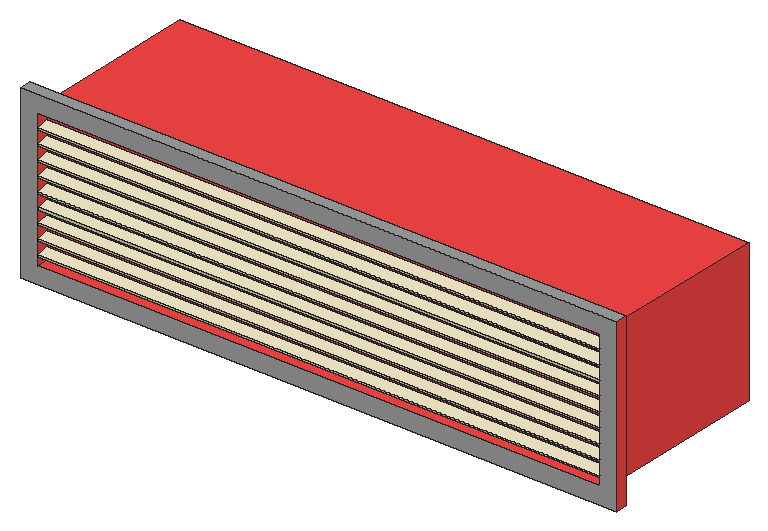
Revit family "Side Wall Grille-Large-Rectangular Connection-Return & Extract", category Air Terminals, Revit 2013
Parameters (values of type "Side Wall Grille-Supply-300mm")
  Throw [instance] = 0 mm
  Space Between Fins [instance] = 25 mm
  Slot = Grille
  Pressure Drop [instance] = 10.0 Pa
  Noise Level [instance] = 30
  No.of Fins = (Grille Height / 25 mm) - 1  # 9
  No. of Arrow [instance] = (Grille Width / 2 mm / 400) + 1  # 2
  Neck Depth [instance] = 300 mm
  Model = "7200"
  Material = "POWDER COATED AC"
  Manufacturer = "EH PRICE"
  Grilles Tag [instance] = "SG-5"
  Grille Width [instance] = 1000 mm
  Grille Height = 250 mm
  Flange Width = 25 mm
  Flange Thk = 20 mm
  Diffuser Service [instance] = "SG"
  Damper Material = "S.S."
  Colour = "BY ARCHITECT"
  Air Terminal Type = "DOUBLE DEFLECTION TYPE (SUPPLY)"
  Air Terminal Size = ""
  Air Flow [instance] = 0.0 L/s
Types (10, lengths in mm): name | Slot | Pressure Drop | Noise Level | No.of Fins | Grilles Tag | Grille Height | Air Terminal Type
  Side Wall Grille-Supply-150mm | Grille | 10.0 Pa | 30 | 9 | "SG-5" | 250 | "DOUBLE DEFLECTION TYPE (SUPPLY)"
  Side Wall Grille-Supply-100mm | none | 10.0 Pa | 30 | 3 | "SG-1" | 100 | "DOUBLE DEFLECTION GRILLE (SUPPLY)"
  Side Wall Grille-Supply-200mm | none | 10.0 Pa | 30 | 7 | "SG-3" | 200 | "DOUBLE DEFLECTION GRILLE (SUPPLY)"
  Side Wall Grille-Supply-250mm | none | 10.0 Pa | 30 | 9 | "SG-4" | 250 | "DOUBLE DEFLECTION GRILLE (SUPPLY)"
  Side Wall Grille-Supply-300mm | Grille | 10.0 Pa | 30 | 9 | "SG-5" | 250 | "DOUBLE DEFLECTION TYPE (SUPPLY)"
  Side Wall Grille-Supply-900mm | none | 10.0 Pa | 30 | 35 | "SG-5" | 900 | "DOUBLE DEFLECTION TYPE (SUPPLY)"
  Side Wall Grille-Supply-600 | none | 10.0 Pa | 30 | 23 | "SG-5" | 600 | "DOUBLE DEFLECTION TYPE (SUPPLY)"
  Side Wall Grille-Supply-800mm | none | 10.0 Pa | 30 | 31 | "SG-5" | 800 | "DOUBLE DEFLECTION TYPE (SUPPLY)"
  Side Wall Grille-Supply-1000mm | none | 10.0 Pa | 30 | 39 | "SG-5" | 1000 | "DOUBLE DEFLECTION TYPE (SUPPLY)"
  Side Wall Grille-Supply | none | 0.0 Pa | 0 | 5 | "SG-5" | 150 | "DOUBLE DEFLECTION GRILLE (SUPPLY)"
Reference planes
  plane 1 "Center (Front/Back)": y = 0
  plane 2: z = 0
  plane 3 "Center (Left/Right)": x = 0
  plane 4: x = -500
  plane 5: x = 500
  plane 6: y = -20
  plane 7 "Neck": y = 300
  plane 8: x = -525
  plane 9: x = 525
  plane 10: x = -495
  plane 11: x = 495
  plane 12: z = 250
  plane 13: z = 5
  plane 14: z = 275
  plane 15: z = -25
  plane 16: z = 245
  plane 17: z = 25
  plane 18: y = -10
Forms (mm)
  Extrusion 1, solid, material "Grill-Extract"
    sketch origin (0, 0, 0) x (1, 0, 0) y (0, 0, 1)
      loop
        line (-525, -25) -> (525, -25) -> (525, 275) -> (-525, 275) -> (-525, -25)
      loop
        line (-495, 245) -> (-495, 5) -> (495, 5) -> (495, 245) -> (-495, 245)
    from 0 to 20 <- "Flange Thk"
  Extrusion 2, solid, material "Grill-Extract"
    sketch origin (0, 0, 0) x (1, 0, 0) y (0, 1, 0)
      loop
        line (-500, 0) -> (500, 0) -> (500, 300) -> (-500, 300) -> (-500, 0)
    from 0 to 250 <- "Grille Height"
Dimensions and locks
  equal spacing: plane 4, plane 3 "Center (Left/Right)", plane 5
  "Grille Width": plane 4 to plane 5
  "Flange Thk": plane 1 "Center (Front/Back)" to plane 6
  "Neck Depth": plane 1 "Center (Front/Back)" to plane 7 "Neck"
  "Flange Width": plane 8 to plane 4
  "Flange Width": plane 5 to plane 9
  locked: plane 4 to plane 10 at 5
  locked: plane 11 to plane 5 at 5
  locked: plane 13 to level at 5
  locked: plane 12 to plane 16 at 5
  "Flange Width": level to plane 15
  "Flange Width": plane 14 to plane 12
  locked: plane 17 to level at 25
  "Grille Height": plane 12 to level
  "Space Between Fins": Extrusion 2 to plane 17
  equal spacing: plane 1 "Center (Front/Back)", plane 18, plane 6
  equal spacing: group 1, group 2, group 3, group 7, group 8, group 9, group 10, group 11, group 12  (x3)
  group 4 to group 5 = 300 mm
  group 4 to group 5 = 0 mm  (x2)
  group 6 to group 4 = 300 mm
  group 4 to group 6 = 0 mm  (x2)
  aligned and locked: level to plane 2
Automatic sketch dimensions
  Extrusion 1 sketch curve to plane 8 = 0 mm
  Extrusion 1 sketch curve to plane 10 = 0 mm
  Extrusion 1 sketch curve to plane 11 = 0 mm
  Extrusion 1 sketch curve to plane 9 = 0 mm
  Extrusion 1 sketch curve to plane 15 = 0 mm
  Extrusion 1 sketch curve to plane 13 = 0 mm
  Extrusion 1 sketch curve to plane 16 = 0 mm
  Extrusion 1 sketch curve to plane 14 = 0 mm
  Extrusion 2 sketch curve to plane 4 = 0 mm
  Extrusion 2 sketch curve to plane 5 = 0 mm
  plane 1 "Center (Front/Back)" to Extrusion 2 sketch curve = 0 mm
  Extrusion 2 sketch curve to plane 7 "Neck" = 0 mm
Nested families
  nested 1: "Fins" at (0, 0, 25) x (1, 0, 0) z (0, -0.9659, -0.2588), type "Fins"
  nested 2: "Fins" at (0, 0, 50) x (1, 0, 0) z (0, -0.9659, -0.2588), type "Fins"
  nested 3: "Fins" at (0, 0, 75) x (1, 0, 0) z (0, -0.9659, -0.2588), type "Fins"
  nested 4: "RDIFF-ARR" at (-0.164, -69.836, 0) x (0, -1, 0) z (0, 0, 1), type "Return Diffuser Arrow"
  nested 5: "RDIFF-ARR" at (299.836, -69.836, 0) x (0, -1, 0) z (0, 0, 1), type "Return Diffuser Arrow"
  nested 6: "RDIFF-ARR" at (-300.164, -69.836, 0) x (0, -1, 0) z (0, 0, 1), type "Return Diffuser Arrow"
  nested 7: "Fins" at (0, 0, 100) x (1, 0, 0) z (0, -0.9659, -0.2588), type "Fins"
  nested 8: "Fins" at (0, 0, 125) x (1, 0, 0) z (0, -0.9659, -0.2588), type "Fins"
  nested 9: "Fins" at (0, 0, 150) x (1, 0, 0) z (0, -0.9659, -0.2588), type "Fins"
  nested 10: "Fins" at (0, 0, 175) x (1, 0, 0) z (0, -0.9659, -0.2588), type "Fins"
  nested 11: "Fins" at (0, 0, 200) x (1, 0, 0) z (0, -0.9659, -0.2588), type "Fins"
  nested 12: "Fins" at (0, 0, 225) x (1, 0, 0) z (0, -0.9659, -0.2588), type "Fins"
Connectors
  hvac at (0, 300, 125), driven by "Grille Width", driven by "Grille Height"
    settings: on Extrusion 2, index 1, duct flow 0.0 L/s, flow factor 0, pres drop 0.0 Pa, loss coef 0, conn angle 0.00°, conn width 1000 mm, conn height 250 mm, conn radius 304.8 mm, duct sys type 29, conn prof type 1, flow config 0, flow direction 0, loss method 0, conn ref index -1, conn util no, is conn primary yes, conn desc ""
Definition of nested family "Fins"
  Parameters (values of type "Fins")
    Slot = Grille
    Grille Width = 1000 mm
    Flange Thk = 20 mm
  Reference planes
    plane 1 "Center (Front/Back)": y = 0
    plane 2: z = 0
    plane 3 "Center (Left/Right)": x = 0
    plane 4: x = -500
    plane 5: x = 500
    plane 6: y = -2
    plane 7: y = 2
    plane 8: x = -495
    plane 9: x = 495
  Forms (mm)
    Extrusion 1, solid, material "Grille"
      sketch origin (0, 0, 0) x (1, 0, 0) y (0, 1, 0)
        loop
          line (-495, -2) -> (495, -2) -> (495, 2) -> (-495, 2) -> (-495, -2)
      from 0 to 20 <- "Flange Thk"
  Dimensions and locks
    equal spacing: plane 7, plane 1 "Center (Front/Back)", plane 6
    locked: plane 7 to plane 6 at 4
    "Grille Width": plane 4 to plane 5
    equal spacing: plane 4, plane 3 "Center (Left/Right)", plane 5
    locked: plane 4 to plane 8 at 5
    locked: plane 9 to plane 5 at 5
    aligned and locked: level to plane 2
    aligned and locked: plane 9 to Extrusion 1
  Automatic sketch dimensions
    plane 4 to Extrusion 1 sketch curve = 5 mm
    Extrusion 1 sketch curve to plane 5 = 5 mm
    Extrusion 1 sketch curve to plane 6 = 0 mm
    Extrusion 1 sketch curve to plane 7 = 0 mm
Definition of nested family "RDIFF-ARR"
  Parameters (values of type "Return Diffuser Arrow")
    Width = (Length / 2) / cos(15.00°)  # 310.583 mm
    Length = 600 mm
  Reference planes
    plane 1 "Center (Front/Back)": y = 0
    plane 2: z = 0
    plane 3 "Center (Left/Right)": x = 0
  Lines and regions (mm)
    Filled region 1, type "Solid Fill - Black", in view "Ref. Level"
      outline origin (0, 0, 0) x (1, 0, 0) y (0, 1, 0)
        loop
          line (0, 0) -> (100, -40.402) -> (100, -8) -> (151.671, -8) -> (165.59, -65.605) -> (187.478, 22.181) -> (196.132, -8) -> (250, -8) -> (250, 8) -> (200.771, 8) -> (186.785, 60.601) -> (165.359, -25.334) -> (156.736, 8) -> (100.118, 8) -> (100.118, 40.45) -> (0, 0)
    detail lines, in view "Ref. Level"
      curve 1: line (0, 0, 0) -> (100.118, 40.45, 0)
      curve 2: line (100.118, 40.45, 0) -> (100.118, 8, 0)
      curve 3: line (100.118, 8, 0) -> (156.736, 8, 0)
      curve 4: line (156.736, 8, 0) -> (165.359, -25.334, 0)
      curve 5: line (165.359, -25.334, 0) -> (186.785, 60.601, 0)
      curve 6: line (186.785, 60.601, 0) -> (200.771, 8, 0)
      curve 7: line (200.771, 8, 0) -> (250, 8, 0)
      curve 8: line (250, 8, 0) -> (250, -8, 0)
      curve 9: line (250, -8, 0) -> (196.132, -8, 0)
      curve 10: line (196.132, -8, 0) -> (187.478, 22.181, 0)
      curve 11: line (187.478, 22.181, 0) -> (165.59, -65.605, 0)
      curve 12: line (165.59, -65.605, 0) -> (151.671, -8, 0)
      curve 13: line (151.671, -8, 0) -> (100, -8, 0)
      curve 14: line (100, -8, 0) -> (100, -40.402, 0)
      curve 15: line (0, 0, 0) -> (100, -40.402, 0)
